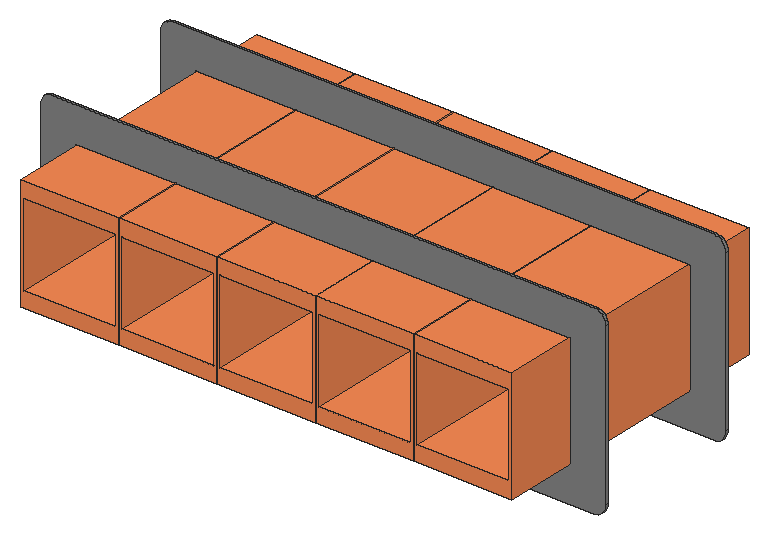
Revit family "Legrand_ElectricFireStopping_EZPathFirestopModule_Series44_Wall", category Equipement spécialisé, Revit 2020
Family settings
  Hôte = Mur
  Cote de connecteur circulaire = Utiliser le diamètre
  Type d'élément = Normal
  Numéro OmniClass = 23.20.50.14
  Titre OmniClass = Firestopping
  Toujours verticalement = Oui
  Couper avec des vides une fois chargée = Non
  Partagée = Non
  Point de calcul de pièce = Non
Parameters (values of type "5 Devices with European Gang Wall Plate Ref 5 x 250058 + 350702")
  _DistributedBy = "www.bimstore.co.uk"
  _CurrentRevision = 2
  _CreatedBy = "https://www.legrand.co.uk/"
  _BimSpecGuid = 0
  _BSBibleVersion = 15
  _AuthorizedBy = "Kris Atkinson"
  _Author = "TechServ@stifirestop.com"
  Weight(Kg) = 2.67 kg
  WarrantyStartDate [instance] = "please record on commissioning"
  WarrantyGuarantorParts = "legrand.sales@legrand.co.uk"
  WarrantyGuarantorLabor = "n/a"
  WarrantyDurationUnit = "Years"
  WarrantyDurationParts = "0"
  WarrantyDurationLabor = "0"
  WarrantyDescription = "Firestop certification guaranteed throughout the entire lifetime of the electrical installation"
  WallThickness [instance] = 152.4 mm
  WallOpeningWidth = 514.35 mm
  WallOpeningHeight = 119.856 mm
  WallOpeningCenterWidth = 53.975 mm
  VolumeExpansion = "800%"
  URL = "https://www.legrand.co.uk/products/cable-management/ez-path-fire-stopping-devices/"
  TypeName = Commentaires du type  # "5 Devices with European Gang Wall Plate"
  General Conditions of Use = "https://export.legrand.com/en/terms-of-use-BIM-objects"
  Elévation par défaut = 0 mm
  Commentaires du type = "5 Devices with European Gang Wall Plate"
  TestedSystems = "https://www.legrand.co.uk/products/cable-management/ez-path-fire-stopping-devices/"
  TagNumber = "n/a"
  TPlateNo = 0
  TPlate = TPlateNo = 1  # no
  SpareParts = "n/a"
  SoundInsulation(ASTME90) = "STC 54"
  Size = "120x514mm"
  ShelfLife = "No Limit"
  Shape = "Rectangle (Series 44)"
  SerialNumber [instance] = "please record on commissioning"
  SecondaryModelNumberExtensions = "EZD44ES"
  SecondaryModelNumberDevice = "EZD44T"
  SecondaryModelNumberBrackets = "EZP544WE"
  SafetyDataSheet = "https://files.stifirestop.com/5.%20Safety%20Data%20Sheet/1.%20English/SDS_EZ-Path%2044+.pdf"
  RetainingPlate = Firestop-STI-EZ_Path-Retaining_Plate
  ReplacementCost = "n/a"
  Region = "Europe"
  ReferencedStandard = "CE Marking, EN 1366-3, ETA 130993"
  ReactionToFire(EN13501-1) = "Class E"
  ProductionYear = "2017"
  ProductPage = "https://www.legrand.co.uk/products/cable-management/ez-path-fire-stopping-devices/"
  PlateWidth = 584.2 mm
  PlateNo = 1
  PlateHeight = 190.5 mm
  PlateEdgeCenterWidth = 88.9 mm
  PlateCutoutWidth = 511.175 mm
  PlateCutoutHeight = 116.681 mm
  PlateCutoutCenterWidth = 52.388 mm
  Plate = PlateNo = 1  # yes
  NominalWidth = WallOpeningWidth  # 514.35 mm
  NominalLength [instance] = 356 mm
  NominalHeight = WallOpeningHeight  # 119.856 mm
  NoOfExtensions [instance] = (if(ExtensionCalc < 0, 0, ExtensionCalc)) * NoOfDevices  # 0
  NoOfDevices = 5
  NBSReference = "30-85-30"
  NBSOfficeMasterTag = "n/a"
  NBSObjectName = "Legrand Electric Ltd - Fire stopping systems"
  NBSNote = "n/a"
  NBSDescription = "Fire stopping systems"
  ModelReference = Modèle  # "EZ-Path® Permanent Automatic Mechanical Firestop System (Series 44) Wall"
  ModelNumberHangerBracket = "n/a"
  ModelNumberExtensions = "CM250178"
  ModelNumberDevice = "CM250058"
  ModelNumberBrackets = "CM350702"
  ModelNumberAccessoryBracket = "n/a"
  ModelNumber = ModelNumberDevice  # "CM250058"
  Modèle = "EZ-Path® Permanent Automatic Mechanical Firestop System (Series 44) Wall"
  Material = "1.5mm thk Galv Steel"
  ManufacturerName = Fabricant  # "Legrand Electric Ltd"
  Fabricant = "Legrand Electric Ltd"
  Note d'identification = "P12"
  InstallationDate [instance] = "please record on commissioning"
  InServiceTemperature = "Not to exceed 49 deg C"
  IfcExportType = "IfcBuildingElementPartTypeEnum.FIRESTOP"
  IfcExportAs = "IfcBuildingElementPart"
  Grade = "n/a"
  FireResistance(EN1366-3) = "2 Hours"
  FireRating = "Up to 4 Hr"
  Finish = "Powder Coated"
  Features = "The modules, which are suitable for all types of wall, can be assembled and installed horizontally or vertically to form a sturdy unit"
  Extidentifier [instance] = "please record on commissioning"
  ExtensionCalc [instance] = (WallThickness - 254 mm) / 152.4 mm  # -1
  ExpectedLife = 0
  ExpansionBegins = "177 deg C"
  EZPathLoadingWidth = 95.25 mm
  EZPathLoadingHeight = 85.725 mm
  EZPathDeviceWidth = 101.6 mm
  EZPathDeviceHeight = 117.475 mm
  EZPathDevice = Firestop-STI-EZ_Path-Series_44+_Fire_Rated_Pathway
  EZPathCenterOfGang = 254 mm
  EZ-Path 5 = NoOfDevices > 4  # yes
  EZ-Path 4 = NoOfDevices > 3  # yes
  EZ-Path 3 = NoOfDevices > 2  # yes
  EZ-Path 2 = NoOfDevices > 1  # yes
  EZ-Path 1 = NoOfDevices > 0  # yes
  DurationUnit = "Years"
  DocumentationTechnical = "https://www.legrand.co.uk/products/cable-management/ez-path-fire-stopping-devices/"
  DocumentationMaintenance = "n/a"
  DocumentationLiterature = "https://specifi.bimstore.co.uk/document/share/2376"
  DocumentationInstallationGuide = "https://www.legrand.co.uk/products/cable-management/ez-path-fire-stopping-devices/"
  DocumentationCertificates = "n/a"
  Description = "EZ-Path is a mechanical device that provides fully compliant fire stopping for power and data cable management pathways."
  CreatedOn = "2018-01-02 T09:00:00"
  CreatedBy = "legrand.sales@legrand.co.uk"
  Constituents = "n/a"
  Color = "Red"
  CodePerformance = "Conforms to the European standard EN1366-3, BS476/20, ASTM E814 and DIN4102-9"
  ClassificationValue = "Ss_25_60_30"
  ClassificationName = "Uniclass2015"
  Classification(EN13501-2) = "EI 120"
  BarCode [instance] = "please record on commissioning"
  BIMObjectName = "Legrand_ElectricFireStopping_EZPathFirestopModule_Series44_Wall_5DeviceGangWallPlate_European"
  AssetType = "Fixed"
  AssetIdentifier [instance] = "please record on commissioning"
  Code d'assemblage = "D4030900"
  AirLeakage(UL1479) = "1.57 m3/h 0% cable, 3.24 m3/h 100% cable"
  AccessibilityPerformance = "n/a"
Types (13, lengths in mm): name | WallOpeningWidth | TypeName | Commentaires du type | Size | SecondaryModelNumberBrackets | PlateWidth | PlateNo | PlateHeight | PlateCutoutWidth | Plate | NominalWidth | NoOfDevices | ModelNumberBrackets | EZPathCenterOfGang | EZ-Path 5 | EZ-Path 4 | EZ-Path 3 | EZ-Path 2 | BIMObjectName
  1 Device Cast In Place (Concrete Walls Only) Ref 250058 | 107.95 | "1 Device Cast In Place (Concrete Walls Only)" | "1 Device Cast In Place (Concrete Walls Only)" | "120x108mm" | "n/a" | 177.8 | 0 | 269.875 | 104.775 | no | 107.95 | 1 | "n/a" | 50.8 | no | no | no | no | "Legrand_ElectricFireStopping_EZPathFirestopModule_Series44_Wall_1DeviceCastInPlace"
  5 Devices with European Gang Wall Plate Ref 5 x 250058 + 350702 | 514.35 | "5 Devices with European Gang Wall Plate" | "5 Devices with European Gang Wall Plate" | "120x514mm" | "EZP544WE" | 584.2 | 1 | 190.5 | 511.175 | yes | 514.35 | 5 | "CM350702" | 254 | yes | yes | yes | yes | "Legrand_ElectricFireStopping_EZPathFirestopModule_Series44_Wall_5DeviceGangWallPlate_European"
  4 Devices with European Gang Wall Plate Ref 4 x 250058 + 350702 | 412.75 | "4 Devices with European Gang Wall Plate" | "4 Devices with European Gang Wall Plate" | "120x413mm" | "EZP544WE" | 482.6 | 1 | 190.5 | 409.575 | yes | 412.75 | 4 | "CM350702" | 203.2 | no | yes | yes | yes | "Legrand_ElectricFireStopping_EZPathFirestopModule_Series44_Wall_4DeviceGangWallPlate_European"
  3 Devices with European Gang Wall Plate Ref 3 x 250058 + 350702 | 311.15 | "3 Devices with European Gang Wall Plate" | "3 Devices with European Gang Wall Plate" | "120x311mm" | "EZP544WE" | 381 | 1 | 190.5 | 307.975 | yes | 311.15 | 3 | "CM350702" | 152.4 | no | no | yes | yes | "Legrand_ElectricFireStopping_EZPathFirestopModule_Series44_Wall_3DeviceGangWallPlate_European"
  2 Devices with European Gang Wall Plate Ref 2 x 250058 + 350702 | 209.55 | "2 Devices with European Gang Wall Plate" | "2 Devices with European Gang Wall Plate" | "120x210mm" | "EZP544WE" | 279.4 | 1 | 190.5 | 206.375 | yes | 209.55 | 2 | "CM350702" | 101.6 | no | no | no | yes | "Legrand_ElectricFireStopping_EZPathFirestopModule_Series44_Wall_2DeviceGangWallPlate_European"
  1 Device with European Gang Wall Plate Ref 250058 + 350702 | 107.95 | "1 Device with European Gang Wall Plate" | "1 Device with European Gang Wall Plate" | "120x108mm" | "EZP544WE" | 177.8 | 1 | 190.5 | 104.775 | yes | 107.95 | 1 | "CM350702" | 50.8 | no | no | no | no | "Legrand_ElectricFireStopping_EZPathFirestopModule_Series44_Wall_1DeviceGangWallPlate_European"
  1 Device with European Wall Plate Ref 250058 + 350700 | 107.95 | "1 Device with European Wall Plate" | "1 Device with European Wall Plate" | "120x108mm" | "EZP144WE" | 177.8 | 1 | 191 | 104.775 | yes | 107.95 | 1 | "CM350700" | 50.8 | no | no | no | no | "Legrand_ElectricFireStopping_EZPathFirestopModule_Series44_Wall_1DeviceWallPlate_European"
  2 Device Cast In Place (Concrete Walls Only - Grouted) Ref 2 x 250058 | 209.55 | "2 Device Cast In Place (Concrete Walls Only - Grouted)" | "2 Device Cast In Place (Concrete Walls Only - Grouted)" | "120x210mm" | "n/a" | 279.4 | 0 | 269.875 | 206.375 | no | 209.55 | 2 | "n/a" | 101.6 | no | no | no | yes | "Legrand_ElectricFireStopping_EZPathFirestopModule_Series44_Wall_2DeviceCastInPlace"
  3 Device Cast In Place (Concrete Walls Only - Grouted) Ref 3 x 250058 | 311.15 | "3 Device Cast In Place (Concrete Walls Only - Grouted)" | "3 Device Cast In Place (Concrete Walls Only - Grouted)" | "120x311mm" | "n/a" | 381 | 0 | 269.875 | 307.975 | no | 311.15 | 3 | "n/a" | 152.4 | no | no | yes | yes | "Legrand_ElectricFireStopping_EZPathFirestopModule_Series44_Wall_3DeviceCastInPlace"
  4 Device Cast In Place (Concrete Walls Only - Grouted) Ref 4 x 250058 | 412.75 | "4 Device Cast In Place (Concrete Walls Only - Grouted)" | "4 Device Cast In Place (Concrete Walls Only - Grouted)" | "120x413mm" | "n/a" | 482.6 | 0 | 269.875 | 409.575 | no | 412.75 | 4 | "n/a" | 203.2 | no | yes | yes | yes | "Legrand_ElectricFireStopping_EZPathFirestopModule_Series44_Wall_4DeviceCastInPlace"
  5 Device Cast In Place (Concrete Walls Only - Grouted) Ref 5 x 250058 | 514.35 | "5 Device Cast In Place (Concrete Walls Only - Grouted)" | "5 Device Cast In Place (Concrete Walls Only - Grouted)" | "120x514mm" | "n/a" | 584.2 | 0 | 269.875 | 511.175 | no | 514.35 | 5 | "n/a" | 254 | yes | yes | yes | yes | "Legrand_ElectricFireStopping_EZPathFirestopModule_Series44_Wall_5DeviceCastInPlace"
  1 Device with European Wall Plate Ref 250058 + 250701 | 107.95 | "1 Device with European Wall Plate" | "1 Device with European Wall Plate" | "120x108mm" | "EZP144RSE" | 177.8 | 1 | 191 | 104.775 | yes | 107.95 | 1 | "CM350701" | 50.8 | no | no | no | no | "Legrand_ElectricFireStopping_EZPathFirestopModule_Series44_Wall_1DeviceWallPlate_European"
  1 Device with European Wall Plate Ref 250058 + 250230 | 107.95 | "1 Device with European Wall Plate" | "1 Device with European Wall Plate" | "120x108mm" | "EZP144WT" | 177.8 | 1 | 237 | 104.775 | yes | 107.95 | 1 | "CM350230" | 50.8 | no | no | no | no | "Legrand_ElectricFireStopping_EZPathFirestopModule_Series44_Wall_1DeviceWallPlate_European"
Reference planes
  plane 1: y = 0
  plane 2 "Center (Left/Right)": x = 0
  plane 3 "Back": y = 120.094
  plane 4: z = 1951.147
  plane 5: z = 1831.29
  plane 6: x = -257.175
  plane 7: x = 257.175
  plane 8: z = 1891.218
  plane 9: z = 1973.768
  plane 10: z = 1986.468
  plane 11: z = 1808.668
  plane 12: x = -279.4
  plane 13: x = -292.1
  plane 14: x = 279.4
  plane 15: x = 292.1
  plane 16: z = 1795.968
  plane 17: y = -34.687
  plane 18: y = 122.476
  plane 19: x = 255.587
  plane 20: x = -255.588
  plane 21: z = 1949.559
  plane 22: z = 1832.878
  plane 23: x = -50.8
  plane 24: x = 50.8
  plane 25: z = 1949.956
  plane 26: z = 1832.481
  plane 27: x = -101.6
  plane 28: x = -152.4
  plane 29: x = -203.2
  plane 30: x = -254
  plane 31: x = 101.6
  plane 32: x = 152.4
  plane 33: x = 203.2
  plane 34: x = 254
  plane 35: x = 250.825
  plane 36: x = 155.575
  plane 37: x = 149.225
  plane 38: x = 47.625
  plane 39: x = -47.625
  plane 40: x = 53.975
  plane 41: x = -53.975
  plane 42: x = -149.225
  plane 43: x = -155.575
  plane 44: x = -250.825
  plane 45: z = 1934.081
  plane 46: z = 1848.356
  plane 47: y = 196.294
  plane 48: y = -108.506
  plane 49: y = 161.369
  plane 50: y = -73.581
  plane 51: z = 1938.843
  plane 52: z = 1843.593
Forms (mm)
  Extrusion 1, void
    sketch origin (0, 120.094, 0) x (1, 0, 0) y (0, 0, 1)
      loop
        line (-257.175, 1951.147) -> (-257.175, 1831.29) -> (257.175, 1831.29) -> (257.175, 1951.147) -> (-257.175, 1951.147)
    from 0 to 152.4
  Extrusion 2, solid, material "Firestop-STI-EZ_Path-Retaining_Plate" <- "RetainingPlate", visible <- "Plate", detail levels medium+fine
    sketch origin (0, 120.094, 0) x (1, 0, 0) y (0, 0, 1)
      loop
        line (279.4, 1986.468) -> (-279.4, 1986.468)
        arc (-279.4, 1986.468) -> (-288.38, 1982.749) -> (-292.1, 1973.768) r 12.7
        line (-292.1, 1973.768) -> (-292.1, 1808.668)
        arc (-292.1, 1808.668) -> (-288.38, 1799.688) -> (-279.4, 1795.968) r 12.7
        line (-279.4, 1795.968) -> (279.4, 1795.968)
        arc (279.4, 1795.968) -> (288.38, 1799.688) -> (292.1, 1808.668) r 12.7
        line (292.1, 1808.668) -> (292.1, 1973.768)
        arc (292.1, 1973.768) -> (288.38, 1982.749) -> (279.4, 1986.468) r 12.7
    from 152.4 to 154.781
  Extrusion 3, solid, material "Firestop-STI-EZ_Path-Retaining_Plate" <- "RetainingPlate", visible <- "Plate", detail levels medium+fine
    sketch origin (0, 120.094, 0) x (1, 0, 0) y (0, 0, 1)
      loop
        line (-292.1, 1973.768) -> (-292.1, 1808.668)
        arc (-292.1, 1808.668) -> (-288.38, 1799.688) -> (-279.4, 1795.968) r 12.7
        line (-279.4, 1795.968) -> (279.4, 1795.968)
        arc (279.4, 1795.968) -> (288.38, 1799.688) -> (292.1, 1808.668) r 12.7
        line (292.1, 1808.668) -> (292.1, 1973.768)
        arc (292.1, 1973.768) -> (288.38, 1982.749) -> (279.4, 1986.468) r 12.7
        line (279.4, 1986.468) -> (-279.4, 1986.468)
        arc (-279.4, 1986.468) -> (-288.38, 1982.749) -> (-292.1, 1973.768) r 12.7
    from -2.381 to 0
  Extrusion 4, void, detail levels medium+fine
    sketch origin (0, 120.094, 0) x (1, 0, 0) y (0, 0, 1)
      loop
        line (255.588, 1949.559) -> (-255.587, 1949.559) -> (-255.587, 1832.878) -> (255.588, 1832.878) -> (255.588, 1949.559)
    from -2.381 to 154.781
  Extrusion 5, solid, material "Firestop-STI-EZ_Path-Series_44+_Fire_Rated_Pathway" <- "EZPathDevice", visible <- "EZ-Path 1"
    sketch origin (0, 120.094, 0) x (1, 0, 0) y (0, 0, 1)
      loop
        line (254, 1949.956) -> (152.4, 1949.956) -> (152.4, 1832.481) -> (254, 1832.481) -> (254, 1949.956)
    from -76.2 to 228.6
  Extrusion 6, solid, material "Firestop-STI-EZ_Path-Series_44+_Fire_Rated_Pathway" <- "EZPathDevice", visible <- "EZ-Path 2"
    sketch origin (0, 120.094, 0) x (1, 0, 0) y (0, 0, 1)
      loop
        line (152.4, 1949.956) -> (50.8, 1949.956) -> (50.8, 1832.481) -> (152.4, 1832.481) -> (152.4, 1949.956)
    from -76.2 to 228.6
  Extrusion 7, solid, material "Firestop-STI-EZ_Path-Series_44+_Fire_Rated_Pathway" <- "EZPathDevice", visible <- "EZ-Path 3"
    sketch origin (0, 120.094, 0) x (1, 0, 0) y (0, 0, 1)
      loop
        line (50.8, 1949.956) -> (-50.8, 1949.956) -> (-50.8, 1832.481) -> (50.8, 1832.481) -> (50.8, 1949.956)
    from -76.2 to 228.6
  Extrusion 8, solid, material "Firestop-STI-EZ_Path-Series_44+_Fire_Rated_Pathway" <- "EZPathDevice", visible <- "EZ-Path 4"
    sketch origin (0, 120.094, 0) x (1, 0, 0) y (0, 0, 1)
      loop
        line (-50.8, 1949.956) -> (-152.4, 1949.956) -> (-152.4, 1832.481) -> (-50.8, 1832.481) -> (-50.8, 1949.956)
    from -76.2 to 228.6
  Extrusion 9, solid, material "Firestop-STI-EZ_Path-Series_44+_Fire_Rated_Pathway" <- "EZPathDevice", visible <- "EZ-Path 5"
    sketch origin (0, 120.094, 0) x (1, 0, 0) y (0, 0, 1)
      loop
        line (-152.4, 1949.956) -> (-254, 1949.956) -> (-254, 1832.481) -> (-152.4, 1832.481) -> (-152.4, 1949.956)
    from -76.2 to 228.6
  Extrusion 10, void
    sketch origin (0, 120.094, 0) x (1, 0, 0) y (0, 0, 1)
      loop
        line (250.825, 1934.081) -> (155.575, 1934.081) -> (155.575, 1848.356) -> (250.825, 1848.356) -> (250.825, 1934.081)
    from -76.2 to 228.6
  Extrusion 11, void
    sketch origin (0, 120.094, 0) x (1, 0, 0) y (0, 0, 1)
      loop
        line (149.225, 1934.081) -> (53.975, 1934.081) -> (53.975, 1848.356) -> (149.225, 1848.356) -> (149.225, 1934.081)
    from -76.2 to 228.6
  Extrusion 12, void
    sketch origin (0, 120.094, 0) x (1, 0, 0) y (0, 0, 1)
      loop
        line (47.625, 1934.081) -> (-47.625, 1934.081) -> (-47.625, 1848.356) -> (47.625, 1848.356) -> (47.625, 1934.081)
    from -76.2 to 228.6
  Extrusion 13, void
    sketch origin (0, 120.094, 0) x (1, 0, 0) y (0, 0, 1)
      loop
        line (-53.975, 1934.081) -> (-149.225, 1934.081) -> (-149.225, 1848.356) -> (-53.975, 1848.356) -> (-53.975, 1934.081)
    from -76.2 to 228.6
  Extrusion 14, void
    sketch origin (0, 120.094, 0) x (1, 0, 0) y (0, 0, 1)
      loop
        line (-155.575, 1934.081) -> (-250.825, 1934.081) -> (-250.825, 1848.356) -> (-155.575, 1848.356) -> (-155.575, 1934.081)
    from -76.2 to 228.6
  Extrusion 15, solid, material "Firestop-STI-EZ_Path-Retaining_Plate" <- "RetainingPlate", visible <- "TPlate", detail levels medium+fine
    sketch origin (0, 120.094, 0) x (1, 0, 0) y (0, 0, 1)
      loop
        line (292.1, 1938.843) -> (-292.1, 1938.843) -> (-292.1, 1843.593) -> (292.1, 1843.593) -> (292.1, 1938.843)
    from -41.275 to -2.381
  Extrusion 16, solid, material "Firestop-STI-EZ_Path-Retaining_Plate" <- "RetainingPlate", visible <- "TPlate", detail levels medium+fine
    sketch origin (0, 120.094, 0) x (1, 0, 0) y (0, 0, 1)
      loop
        line (-292.1, 1938.843) -> (-292.1, 1843.593) -> (292.1, 1843.593) -> (292.1, 1938.843) -> (-292.1, 1938.843)
    from 154.781 to 193.675
  Extrusion 17, void, detail levels medium+fine
    sketch origin (0, 120.094, 0) x (1, 0, 0) y (0, 0, 1)
      loop
        line (-255.587, 1949.956) -> (-255.587, 1832.481) -> (255.588, 1832.481) -> (255.588, 1949.956) -> (-255.587, 1949.956)
    from 154.781 to 193.675
  Extrusion 18, void, detail levels medium+fine
    sketch origin (0, 120.094, 0) x (1, 0, 0) y (0, 0, 1)
      loop
        line (-255.587, 1949.956) -> (-255.587, 1832.481) -> (255.588, 1832.481) -> (255.588, 1949.956) -> (-255.587, 1949.956)
    from -41.275 to -2.381
Cuts and joins
  Extrusion 4 cuts Extrusion 2
  Extrusion 4 cuts Extrusion 3
  Extrusion 14 cuts Extrusion 9
  Extrusion 13 cuts Extrusion 8
  Extrusion 12 cuts Extrusion 7
  Extrusion 11 cuts Extrusion 6
  Extrusion 10 cuts Extrusion 5
  Extrusion 18 cuts Extrusion 15
  Extrusion 17 cuts Extrusion 16
Text (mm)
  text "Placement Side" at (0, 1019.848, 3124.603), in view "Right"
  text "Placement Side" at (-1490.579, 1085.845, 0), in view "Ref. Level"
  text "Placement Side" at (0, 1206.291, 3571.227), in view "Left"
Dimensions and locks
  locked: plane 3 "Back" to host wall
  "WallOpeningHeight": plane 4 to plane 5
  "WallOpeningWidth": plane 7 to plane 6
  "PlateWidth": plane 15 to plane 13
  locked: plane 12 to plane 13 at 12.7
  locked: plane 15 to plane 14 at 12.7
  locked: plane 10 to plane 9 at 12.7
  locked: plane 11 to plane 16 at 12.7
  locked: plane 18 to host wall at 2.381
  locked: host wall to plane 17 at 2.381
  "PlateCutoutWidth": plane 20 to plane 19
  "PlateCutoutHeight": plane 22 to plane 21
  "EZPathDeviceHeight": plane 26 to plane 25
  "EZPathLoadingWidth": plane 36 to plane 35
  equal spacing: plane 36, plane 33, plane 35
  "EZPathLoadingWidth": plane 37 to plane 40
  equal spacing: plane 37, plane 31, plane 40
  "EZPathLoadingWidth": plane 38 to plane 39
  equal spacing: plane 38, plane 2 "Center (Left/Right)", plane 39
  "EZPathLoadingWidth": plane 41 to plane 42
  equal spacing: plane 42, plane 27, plane 41
  "EZPathLoadingWidth": plane 43 to plane 44
  equal spacing: plane 43, plane 29, plane 44
  equal spacing: plane 24, plane 2 "Center (Left/Right)", plane 23
  "EZPathDeviceWidth": plane 24 to plane 23
  equal spacing: plane 32, plane 31, plane 24
  "EZPathDeviceWidth": plane 32 to plane 24
  "EZPathDeviceWidth": plane 34 to plane 32
  equal spacing: plane 34, plane 33, plane 32
  "EZPathDeviceWidth": plane 28 to plane 23
  equal spacing: plane 28, plane 27, plane 23
  "EZPathDeviceWidth": plane 30 to plane 28
  equal spacing: plane 30, plane 29, plane 28
  "EZPathLoadingHeight": plane 46 to plane 45
  equal spacing: plane 46, plane 8, plane 45
  equal spacing: plane 18, host wall, plane 17
  equal spacing: plane 26, plane 8, plane 25
  "PlateHeight": plane 16 to plane 10
  equal spacing: plane 16, plane 8, plane 10
  "WallOpeningCenterWidth": plane 33 to plane 7
  "PlateEdgeCenterWidth": plane 15 to plane 33
  plane 15 to plane 2 "Center (Left/Right)" to plane 13 = 292.1 mm, 292.1 mm  (x2)
  "PlateCutoutCenterWidth": cut or joined group of Extrusion 2, Extrusion 4 to plane 33
  equal spacing: plane 30, plane 2 "Center (Left/Right)", plane 34, locked at 254 each
  plane 7 to plane 2 "Center (Left/Right)" to plane 6 = 257.175 mm, 257.175 mm
  plane 7 to plane 2 "Center (Left/Right)" = 257.175 mm
  plane 34 to plane 33 to plane 32 to plane 31 to plane 24 to plane 2 "Center (Left/Right)" to plane 23 to plane 27 to plane 28 to plane 29 to plane 30 = 50.8 mm, 50.8 mm, 50.8 mm, 50.8 mm, 50.8 mm, 50.8 mm, 50.8 mm, 50.8 mm, 50.8 mm, 50.8 mm
  "WallThickness": host wall to host wall
  locked: plane 47 to host wall at 76.2
  locked: host wall to plane 48 at 76.2
  locked: plane 49 to host wall at 41.275
  locked: cut or joined group of Extrusion 2, Extrusion 4 to plane 50 at 41.275
  locked: plane 51 to plane 10 at 47.625
  locked: plane 16 to plane 52 at 47.625
  aligned and locked: Extrusion 1 sketch curve to plane 4
  aligned and locked: plane 6 to Extrusion 1 sketch curve
  aligned and locked: plane 5 to Extrusion 1 sketch curve
  aligned and locked: plane 7 to Extrusion 1 sketch curve
  aligned and locked: host wall to Extrusion 1  (x2)
  aligned and locked: Extrusion 2 to host wall
  aligned and locked: plane 17 to Extrusion 2
  aligned and locked: Extrusion 3 to plane 18
  aligned and locked: Extrusion 3 to host wall
  aligned and locked: plane 21 to Extrusion 4 sketch curve
  aligned and locked: Extrusion 4 sketch curve to plane 19
  aligned and locked: plane 22 to Extrusion 4 sketch curve
  aligned and locked: plane 20 to Extrusion 4 sketch curve
  aligned and locked: Extrusion 4 to plane 18
  aligned and locked: plane 17 to Extrusion 4
  aligned and locked: plane 25 to Extrusion 5 sketch curve
  aligned and locked: plane 34 to Extrusion 5 sketch curve
  aligned and locked: plane 26 to Extrusion 5 sketch curve
  aligned and locked: Extrusion 5 sketch curve to plane 32
  aligned and locked: plane 48 to Extrusion 5
  aligned and locked: Extrusion 5 to plane 47
  aligned and locked: Extrusion 5 to Extrusion 6 sketch curve
  aligned and locked: Extrusion 6 sketch curve to Extrusion 5
  aligned and locked: plane 26 to Extrusion 6 sketch curve
  aligned and locked: Extrusion 6 sketch curve to plane 24
  aligned and locked: Extrusion 6 to Extrusion 5  (x2)
  aligned and locked: Extrusion 6 to Extrusion 7 sketch curve
  aligned and locked: Extrusion 7 sketch curve to Extrusion 6
  aligned and locked: plane 26 to Extrusion 7 sketch curve
  aligned and locked: plane 23 to Extrusion 7 sketch curve
  aligned and locked: Extrusion 7 to Extrusion 5  (x2)
  aligned and locked: Extrusion 7 to Extrusion 8 sketch curve
  aligned and locked: Extrusion 8 sketch curve to Extrusion 7
  aligned and locked: plane 26 to Extrusion 8 sketch curve
  aligned and locked: plane 28 to Extrusion 8 sketch curve
  aligned and locked: Extrusion 8 to Extrusion 5  (x2)
  aligned and locked: Extrusion 8 to Extrusion 9 sketch curve
  aligned and locked: Extrusion 9 sketch curve to Extrusion 8
  aligned and locked: plane 26 to Extrusion 9 sketch curve
  aligned and locked: plane 30 to Extrusion 9 sketch curve
  aligned and locked: Extrusion 9 to Extrusion 5  (x2)
  aligned and locked: Extrusion 10 sketch curve to plane 45
  aligned and locked: Extrusion 10 sketch curve to plane 35
  aligned and locked: Extrusion 10 sketch curve to plane 46
  aligned and locked: Extrusion 10 sketch curve to plane 36
  aligned and locked: Extrusion 11 sketch curve to plane 45
  aligned and locked: plane 37 to Extrusion 11 sketch curve
  aligned and locked: Extrusion 11 sketch curve to plane 46
  aligned and locked: Extrusion 11 sketch curve to plane 40
  aligned and locked: Extrusion 12 sketch curve to plane 45
  aligned and locked: plane 38 to Extrusion 12 sketch curve
  aligned and locked: Extrusion 12 sketch curve to plane 46
  aligned and locked: Extrusion 12 sketch curve to plane 39
  aligned and locked: Extrusion 13 sketch curve to plane 45
  aligned and locked: plane 41 to Extrusion 13 sketch curve
  aligned and locked: Extrusion 13 sketch curve to plane 46
  aligned and locked: plane 42 to Extrusion 13 sketch curve
  aligned and locked: Extrusion 14 sketch curve to plane 45
  aligned and locked: plane 43 to Extrusion 14 sketch curve
  aligned and locked: Extrusion 14 sketch curve to plane 46
  aligned and locked: plane 44 to Extrusion 14 sketch curve
  aligned and locked: Extrusion 5 to Extrusion 14  (x2)
  aligned and locked: Extrusion 5 to Extrusion 13  (x2)
  aligned and locked: Extrusion 5 to Extrusion 12  (x2)
  aligned and locked: Extrusion 5 to Extrusion 11  (x2)
  aligned and locked: Extrusion 5 to Extrusion 10  (x2)
  aligned and locked: plane 51 to Extrusion 15 sketch curve
  aligned and locked: plane 15 to Extrusion 15 sketch curve
  aligned and locked: Extrusion 15 sketch curve to plane 52
  aligned and locked: Extrusion 15 sketch curve to plane 13
  aligned and locked: Extrusion 15 to plane 49
  aligned and locked: plane 18 to Extrusion 15
  aligned and locked: Extrusion 16 sketch curve to Extrusion 15  (x4)
  aligned and locked: plane 50 to Extrusion 16
  aligned and locked: Extrusion 16 to plane 17
  aligned and locked: Extrusion 17 sketch curve to plane 25
  aligned and locked: Extrusion 17 sketch curve to plane 26
  aligned and locked: plane 19 to Extrusion 17 sketch curve
  aligned and locked: plane 20 to Extrusion 17
  aligned and locked: Extrusion 17 to plane 17
  aligned and locked: plane 50 to Extrusion 17
  aligned and locked: Extrusion 18 sketch curve to Extrusion 17  (x4)
  aligned and locked: Extrusion 18 to plane 49
  aligned and locked: plane 18 to Extrusion 18
Automatic sketch dimensions
  Extrusion 2 sketch curve to plane 9 = 0 mm  (x2)
  Extrusion 2 sketch curve to plane 13 = 0 mm
  Extrusion 2 sketch curve to plane 12 = 0 mm
  Extrusion 2 sketch curve to plane 10 = 0 mm
  Extrusion 2 sketch curve to plane 14 = 0 mm  (x2)
  Extrusion 2 sketch curve to plane 11 = 0 mm
  Extrusion 3 sketch curve to plane 9 = 0 mm  (x2)
  Extrusion 3 sketch curve to plane 11 = 0 mm  (x2)
  Extrusion 3 sketch curve to plane 13 = 0 mm
  Extrusion 3 sketch curve to plane 10 = 0 mm
  Extrusion 3 sketch curve to plane 12 = 0 mm
  Extrusion 3 sketch curve to plane 14 = 0 mm
  plane 20 to Extrusion 17 sketch curve = 0 mm
